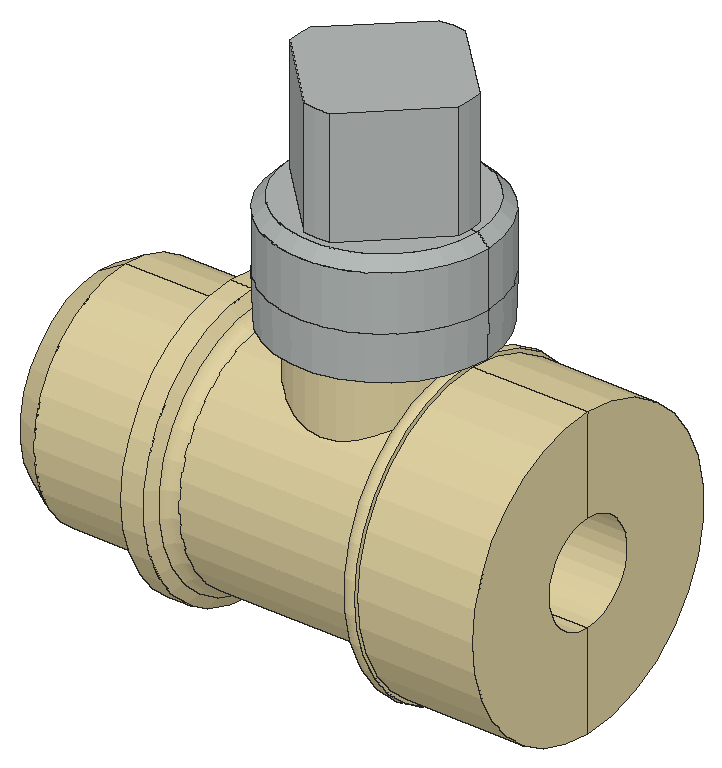
Revit family "QL23841015", category Apparecchi idraulici, Revit 2020
Family settings
  Quota connettore circolare = Usa diametro
  Tipo di parte = Normale
  Numero OmniClass = 23.45.00.00
  Titolo OmniClass = Sanitary, Laundry, and Cleaning Equipment
  Basato su piano di lavoro = No
  Sempre verticale = Sì
  Taglio con vuoti quando caricato = No
  Condiviso = No
  Punto di calcolo locali = No
Parameters
  URL = "https://web.cimberio.it/index.php/figura/953?subcategoria_id="
  Temperatura di esercizio = "-20 ÷ 90°C"
  Prospetto di default = 0 mm
  Produttore = "CIMBERIO SPA"
  Pressione nominale = "PN 16"
  Modello = "Cim 192/2"
  Materiale = "Prodotto in lega di ottone conforme alla norma EN 12165-CW617N-DW"
  Descrizione = "Realizzato in ottemperanza ai requisiti gestionali della norma EN ISO 9001.\r\nCollaudato al 100% secondo la normativa EN 12266-1.\r\nUtilizzato per impianti idraulici domestici e commerciali, impianti di riscaldamento come scarico caldaia"
  DN [instance] = 9 mm
  Type Comments = ""
Reference planes
  plane 1 "Centro (Fronte/Retro)": y = 0
  plane 2: z = 0
  plane 3 "Centro (Sinistra/Destra)": x = 0
Forms (mm)
  Revolve 1, solid, material "Cim_Lega di ottone gialla filetto"
    sketch origin (0, 0, 0) x (1, 0, 0) y (0, 0, 1)
      loop
        line (-26, 4.5) -> (-14, 4.5) -> (-14, 10.45) -> (-23.59, 10.45) -> (-26, 9.007) -> (-26, 4.5)
      axis (-26, 0) -> (-14, 0)
    angle from 0 to 360
  Revolve 2, solid, material "Cim_Lega di ottone gialla"
    sketch origin (0, 0, 0) x (1, 0, 0) y (0, 0, 1)
      loop
        line (-14, -4.5) -> (-14, -12.5) -> (-12, -12.5) -> (-11.423, -11.5)
        arc (-11.423, -11.5) -> (-10.874, -10.951) -> (-10.124, -10.75) r 1.5
        line (-10.124, -10.75) -> (5.412, -10.75) -> (6.711, -13)
        arc (6.711, -13) -> (7.277, -13.454) -> (8, -13.406) r 1
        line (8, -13.406) -> (8, -4.5) -> (-14, -4.5)
      axis (-14, 0) -> (8, 0)
    angle from 0 to 360
  Revolve 3, solid, material "Cim_Lega di ottone gialla filetto"
    sketch origin (0, 0, 0) x (1, 0, 0) y (0, 0, 1)
      loop
        line (8, 13.125) -> (8, 4.5) -> (18.552, 4.5) -> (18.552, 13.125) -> (8, 13.125)
      axis (8, 0) -> (18.552, 0)
    angle from 0 to 360
  Revolve 4, solid, material "Cim_Lega di ottone gialla"
    sketch origin (0, 0, 0) x (1, 0, 0) y (0, 0, 1)
      loop
        line (0, 18.3) -> (0, 7.255) -> (7.335, 7.255) -> (7.335, 16.85) -> (6.5, 16.85) -> (6.5, 18.3) -> (0, 18.3)
      axis (0, 18.3) -> (0, 7.255)
    angle from 0 to 360
  Revolve 5, solid, material "Cim_Lega di ottone"
    sketch origin (0, 0, 0) x (1, 0, 0) y (0, 0, 1)
      loop
        line (9.5, 18.3) -> (9.5, 23.3) -> (8.5, 24.3) -> (0, 24.3) -> (0, 14.3) -> (9.396, 14.3) -> (9.5, 18.3)
      axis (0, 24.3) -> (0, 14.3)
    angle from 0 to 360
  Extrusion 6, solid, material "Cim_Lega di ottone"
    sketch origin (0, 0, 0) x (1, 0, 0) y (0, 1, 0)
      loop
        arc (-7.707, 1.203) -> (-7.8, 0) -> (-7.707, -1.203) r 7.8
        line (-7.707, -1.203) -> (-1.203, -7.707)
        arc (-1.203, -7.707) -> (0, -7.8) -> (1.203, -7.707) r 7.8
        line (1.203, -7.707) -> (7.707, -1.203)
        arc (7.707, -1.203) -> (7.8, 0) -> (7.707, 1.203) r 7.8
        line (7.707, 1.203) -> (1.203, 7.707)
        arc (1.203, 7.707) -> (0, 7.8) -> (-1.203, 7.707) r 7.8
        line (-1.203, 7.707) -> (-7.707, 1.203)
    from 23.3 to 34.8
Dimensions and locks
  aligned and locked: level to plane 2
Connectors
  piping at (18.552, 0, 0), diameter 9, driven by "DN"
    settings: on Revolve 3, index 1, connector inside diameter 609.6 mm, connector length 0 mm, flow factor 0, pipe flow 0.0 L/s, pressure drop 0.0 Pa, fitting loss kfactor 0, connector angle 0.00°, fixture units 0, engagement length 0 mm, angle of deflection 0.00°, flow configuration 0, flow direction 0, fitting loss method 0, system type 7, joint type 0, gender type 0, connector reference index -1, connector utility 0, adjustable connector no, is connector primary yes, connector description ""
  piping at (-26, 0, 0), diameter 9, driven by "DN"
    settings: on Revolve 1, index 2, connector inside diameter 609.6 mm, connector length 0 mm, flow factor 0, pipe flow 0.0 L/s, pressure drop 0.0 Pa, fitting loss kfactor 0, connector angle 0.00°, fixture units 0, engagement length 0 mm, angle of deflection 0.00°, flow configuration 0, flow direction 0, fitting loss method 0, system type 7, joint type 0, gender type 0, connector reference index -1, connector utility 0, adjustable connector no, is connector primary no, connector description ""
